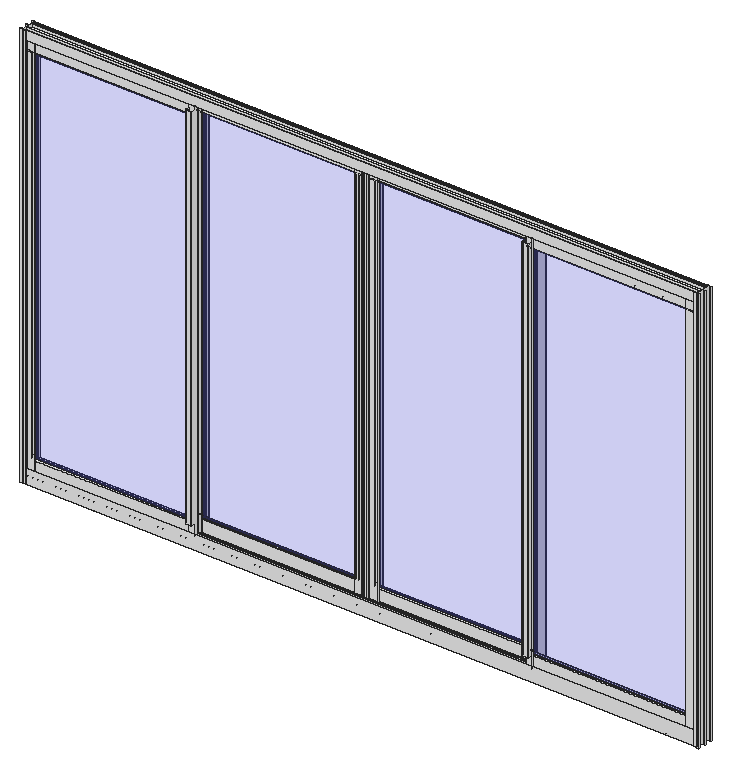
Revit family "Elite_Sliding_Window_XXXX_Standard", category Windows, host Wall, Revit 2014 (continued)
Definition of nested family "Elite_Sash_Outer_XXXX_Std"
  Nested families
    nested 3: "Elite_Sash_Top" at (-1498.5, -24.2, 1052), Profile Material <- "Profile Material", Length Sash Top <- "Length Sash Head & Sill", type "Elite_Sash_Top"
      with Profile Material White Powder Coated Aluminium ANP 1052, Length Sash Top 1484 mm
    nested 4: "Elite_Sash_Bottom" at (-1498.5, -24.2, 0), Profile Material <- "Profile Material", Length Sash Bottom <- "Length Sash Head & Sill", type "Elite_Sash_Bottom"
      with Profile Material White Powder Coated Aluminium ANP 1052, Length Sash Bottom 1484 mm
    nested 5: "Elite_Heavy_Duty_Interlocker_Outside" at (-1500, 20, 0) x (0, -1, 0) z (0, 0, 1), Length Heavy Duty Interlocker <- "Sash Height", Profile Material <- "Profile Material", visible <- "Is Heavy Duty Interlocker", type "Elite_Heavy_Duty_Interlocker_Outside"
      with Profile Material White Powder Coated Aluminium ANP 1052, Length Heavy Duty Interlocker 1200 mm
  Definition of nested family "Elite_Lock_Stile"
    Parameters (values of type "Elite_Lock_Stile")
      Width Rail Cut = 13 mm  # constant formula
      Side Gap Rail Cut = 5 mm  # constant formula
      Profile Material [instance] = none
      Length Lock Stile [instance] = 250 mm
      Height Rail Cut = 26 mm  # constant formula
      Height Large Cut = 55 mm  # constant formula
    Reference planes
      plane 1 "Center (Front/Back)": y = 0
      plane 2: z = 0
      plane 3 "Center (Left/Right)": x = 0
    Forms (mm)
      Extrusion 1, solid, material <- "Profile Material"
        sketch origin (0, 0, 0) x (1, 0, 0) y (0, 1, 0)
          loop
            line (0, 0) -> (3.5, 0) -> (3.5, 2.4) -> (2.5, 2.4) -> (2.5, 1.2) -> (1.2, 1.2) -> (1.2, 8.8) -> (2.5, 8.8) -> (2.5, 7.6) -> (3.5, 7.6) -> (3.5, 10) -> (1.5, 10) -> (1.5, 13) -> (24.5, 13) -> (24.5, 10) -> (22.5, 10) -> (22.5, 7.6) -> (23.5, 7.6) -> (23.5, 8.8) -> (24.8, 8.8) -> (24.8, 1.2) -> (23.5, 1.2) -> (23.5, 2.4) -> (22.5, 2.4) -> (22.5, 0) -> (26, 0) -> (26, 49.8) -> (24.5, 49.8) -> (24.5, 49) -> (18, 49) -> (18, 43) -> (19.5, 43) -> (19.5, 47.5) -> (24.5, 47.5) -> (24.5, 36) -> (1.5, 36) -> (1.5, 47.5) -> (6.5, 47.5) -> (6.5, 43) -> (8, 43) -> (8, 49) -> (1.5, 49) -> (1.5, 49.8) -> (0, 49.8) -> (0, 0)
          loop
            line (1.5, 14.5) -> (24.5, 14.5) -> (24.5, 34.5) -> (13, 34.5) -> (1.5, 34.5) -> (1.5, 14.5)
        from 0 to 250 <- "Length Lock Stile"
      Extrusion 2, void
        sketch origin (24.4, 49, 0) x (1, 0, 0) y (0, 0, 1)
          loop
            line (0.1, 250) -> (-22.9, 250) -> (-22.9, 195) -> (0.1, 195) -> (0.1, 250)
          loop
            line (-22.9, 0) -> (0.1, 0) -> (0.1, 55) -> (-22.9, 55) -> (-22.9, 0)
        from 0 to 25
      Extrusion 3, void
        sketch origin (13, 14.5, 0) x (1, 0, 0) y (0, 0, 1)
          loop
            line (6.5, 250) -> (-6.5, 250) -> (-6.5, 224) -> (6.5, 224) -> (6.5, 250)
          loop
            line (6.5, 0) -> (6.5, 26) -> (-6.5, 26) -> (-6.5, 0) -> (6.5, 0)
        from 0 to 250
    Cuts and joins
      Extrusion 2, Extrusion 3 cuts Extrusion 1
    Dimensions and locks
      "Height Large Cut": Extrusion 2 sketch curve to Extrusion 2 sketch curve  (x2)
      "Height Rail Cut": Extrusion 3 sketch curve to Extrusion 3 sketch curve  (x2)
      "Width Rail Cut": Extrusion 3 sketch curve to Extrusion 3 sketch curve  (x2)
      "Side Gap Rail Cut": Extrusion 3 sketch curve to cut or joined group of Extrusion 1, Extrusion 2, Extrusion 3  (x2)
      aligned and locked: level to plane 2
      aligned and locked: Extrusion 1 to Extrusion 2 sketch curve  (x2)
      aligned and locked: Extrusion 2 sketch curve to Extrusion 1  (x4)
      aligned and locked: Extrusion 3 sketch curve to cut or joined group of Extrusion 1, Extrusion 2, Extrusion 3
      aligned and locked: cut or joined group of Extrusion 1, Extrusion 2, Extrusion 3 to Extrusion 3 sketch curve
    Automatic sketch dimensions
      Extrusion 1 sketch curve to plane 3 "Center (Left/Right)" = 0 mm
      plane 1 "Center (Front/Back)" to Extrusion 1 sketch curve = 0 mm  (x2)
      plane 3 "Center (Left/Right)" to Extrusion 1 sketch curve = 1.2 mm
      plane 3 "Center (Left/Right)" to Extrusion 1 sketch curve = 1.5 mm  (x2)
      Extrusion 1 sketch curve to Extrusion 1 sketch curve = 0 mm  (x4)
      Extrusion 1 sketch curve to Extrusion 1 sketch curve = 0.3 mm  (x2)
      Extrusion 1 sketch curve to Extrusion 1 sketch curve = 1.3 mm  (x2)
      Extrusion 1 sketch curve to Extrusion 1 sketch curve = 1 mm  (x4)
      Extrusion 1 sketch curve to Extrusion 1 sketch curve = 5 mm  (x4)
      Extrusion 1 sketch curve to Extrusion 1 sketch curve = 1.5 mm  (x6)
      Extrusion 1 sketch curve to plane 1 "Center (Front/Back)" = 2.4 mm
      Extrusion 1 sketch curve to Extrusion 1 sketch curve = 19 mm
      Extrusion 1 sketch curve to Extrusion 1 sketch curve = 2 mm
      Extrusion 1 sketch curve to Extrusion 1 sketch curve = 1.2 mm  (x6)
      Extrusion 1 sketch curve to plane 1 "Center (Front/Back)" = 1.2 mm  (x2)
      Extrusion 1 sketch curve to Extrusion 1 sketch curve = 5.2 mm  (x2)
      Extrusion 1 sketch curve to Extrusion 1 sketch curve = 3 mm
      Extrusion 1 sketch curve to Extrusion 1 sketch curve = 20 mm
      Extrusion 1 sketch curve to Extrusion 1 sketch curve = 7 mm  (x2)
      Extrusion 1 sketch curve to Extrusion 1 sketch curve = 4.5 mm  (x2)
      Extrusion 1 sketch curve to Extrusion 1 sketch curve = 0.8 mm  (x2)
  Definition of nested family "Elite_Interlocker"
    Parameters (values of type "Elite_Interlocker")
      Rail Cut Width = 13 mm  # constant formula
      Rail Cut Side Spacing = 5 mm  # constant formula
      Rail Cut Height = 26 mm  # constant formula
      Profile Material [instance] = none
      Length Interlocker [instance] = 250 mm
      Large Cut Height = 55 mm  # constant formula
    Reference planes
      plane 1 "Center (Front/Back)": y = 0
      plane 2: z = 0
      plane 3 "Center (Left/Right)": x = 0
    Forms (mm)
      Extrusion 1, solid, material <- "Profile Material"
        sketch origin (0, 0, 0) x (1, 0, 0) y (0, 1, 0)
          loop
            line (6.916, 36.467) -> (6.916, 6.667) -> (39.416, 6.667) -> (39.416, 9.551) -> (38.416, 9.551) -> (38.416, 8.167) -> (37.116, 8.167) -> (37.116, 9.551) -> (36.116, 9.551) -> (36.116, 8.167) -> (32.916, 8.167) -> (32.916, 15.167) -> (36.116, 15.167) -> (36.116, 13.78) -> (37.116, 13.78) -> (37.116, 15.167) -> (38.416, 15.167) -> (38.416, 13.78) -> (39.416, 13.78) -> (39.416, 25.167)
            arc (39.416, 25.167) -> (38.973, 25.663) -> (38.429, 25.28) r 0.5
            line (38.429, 25.28) -> (36.426, 16.667) -> (32.916, 16.667) -> (32.916, 36.467) -> (31.416, 36.467) -> (31.416, 35.667) -> (24.916, 35.667) -> (24.916, 29.667) -> (26.416, 29.667) -> (26.416, 34.167) -> (31.416, 34.167) -> (31.416, 22.667) -> (19.916, 22.667) -> (8.416, 22.667) -> (8.416, 34.167) -> (13.416, 34.167) -> (13.416, 29.667) -> (14.916, 29.667) -> (14.916, 35.667) -> (8.416, 35.667) -> (8.416, 36.467) -> (6.916, 36.467)
          loop
            line (8.416, 21.167) -> (8.416, 8.167) -> (31.416, 8.167) -> (31.416, 21.167) -> (19.916, 21.167) -> (8.416, 21.167)
        from 0 to 250 <- "Length Interlocker"
      Extrusion 2, void
        sketch origin (14.616, 35.667, 0) x (1, 0, 0) y (0, 0, 1)
          loop
            line (11.8, 250) -> (-1.2, 250) -> (-1.2, 224) -> (11.8, 224) -> (11.8, 250)
          loop
            line (-1.2, 0) -> (11.8, 0) -> (11.8, 26) -> (-1.2, 26) -> (-1.2, 0)
        from 0 to 250
      Extrusion 3, void
        sketch origin (31.316, 35.667, 0) x (1, 0, 0) y (0, 0, 1)
          loop
            line (0.1, 250) -> (-22.9, 250) -> (-22.9, 195) -> (0.1, 195) -> (0.1, 250)
          loop
            line (-22.9, 0) -> (0.1, 0) -> (0.1, 55) -> (-22.9, 55) -> (-22.9, 0)
        from 0 to 25
    Cuts and joins
      Extrusion 2, Extrusion 3 cuts Extrusion 1
    Dimensions and locks
      "Rail Cut Width": Extrusion 2 sketch curve to Extrusion 2 sketch curve  (x2)
      "Rail Cut Side Spacing": Extrusion 2 sketch curve to Extrusion 1  (x2)
      "Rail Cut Height": Extrusion 2 sketch curve to Extrusion 2 sketch curve  (x2)
      "Large Cut Height": Extrusion 3 sketch curve to Extrusion 3 sketch curve  (x2)
      aligned and locked: level to plane 2
      aligned and locked: Extrusion 1 to Extrusion 2 sketch curve  (x2)
      aligned and locked: Extrusion 3 sketch curve to cut or joined group of Extrusion 1, Extrusion 2, Extrusion 3  (x4)
      aligned and locked: cut or joined group of Extrusion 1, Extrusion 2, Extrusion 3 to Extrusion 3 sketch curve  (x2)
    Automatic sketch dimensions
      plane 3 "Center (Left/Right)" to Extrusion 1 sketch curve = 6.916 mm
      plane 3 "Center (Left/Right)" to Extrusion 1 sketch curve = 8.416 mm
      Extrusion 1 sketch curve to Extrusion 1 sketch curve = 1.5 mm  (x11)
      Extrusion 1 sketch curve to Extrusion 1 sketch curve = 0 mm  (x6)
      Extrusion 1 sketch curve to Extrusion 1 sketch curve = 5 mm  (x4)
      Extrusion 1 sketch curve to Extrusion 1 sketch curve = 3.2 mm  (x2)
      Extrusion 1 sketch curve to Extrusion 1 sketch curve = 0.31 mm
      Extrusion 1 sketch curve to Extrusion 1 sketch curve = 1 mm  (x4)
      Extrusion 1 sketch curve to Extrusion 1 sketch curve = 1.3 mm  (x2)
      Extrusion 1 sketch curve to Extrusion 1 sketch curve = 7.013 mm
      Extrusion 1 sketch curve to Extrusion 1 sketch curve = 0.487 mm
      Extrusion 1 sketch curve to plane 1 "Center (Front/Back)" = 6.667 mm
      Extrusion 1 sketch curve to Extrusion 1 sketch curve = 1.384 mm  (x2)
      Extrusion 1 sketch curve to Extrusion 1 sketch curve = 4.229 mm
      Extrusion 1 sketch curve to Extrusion 1 sketch curve = 1.387 mm  (x2)
      Extrusion 1 sketch curve to Extrusion 1 sketch curve = 13 mm
      Extrusion 1 sketch curve to Extrusion 1 sketch curve = 2.5 mm
      Extrusion 1 sketch curve to Extrusion 1 sketch curve = 7 mm  (x2)
      Extrusion 1 sketch curve to Extrusion 1 sketch curve = 4.5 mm  (x2)
      Extrusion 1 sketch curve to Extrusion 1 sketch curve = 0.8 mm  (x2)
  Definition of nested family "Elite_Sash_Top"
    Parameters (values of type "Elite_Sash_Top")
      Profile Material [instance] = none
      Length Sash Top [instance] = 250 mm
    Reference planes
      plane 1 "Center (Front/Back)": y = 0
      plane 2: z = 0
      plane 3 "Center (Left/Right)": x = 0
    Forms (mm)
      Extrusion 1, solid, material <- "Profile Material"
        sketch origin (0, -88.953, -123.01) x (0, 1, 0) y (0, 0, 1)
          loop
            line (92.953, 217.01) -> (95.303, 217.01) -> (95.303, 223.01) -> (93.853, 223.01) -> (93.853, 218.46) -> (92.953, 218.46)
            arc (92.953, 218.46) -> (91.15, 219.207) -> (90.403, 221.01) r 2.55
            line (90.403, 221.01) -> (90.403, 230.06) -> (110.203, 230.06) -> (110.203, 221.01)
            arc (110.203, 221.01) -> (109.456, 219.207) -> (107.653, 218.46) r 2.55
            line (107.653, 218.46) -> (106.753, 218.46) -> (106.753, 223.01) -> (105.303, 223.01) -> (105.303, 217.01) -> (107.653, 217.01)
            arc (107.653, 217.01) -> (110.482, 218.181) -> (111.653, 221.01) r 4
            line (111.653, 221.01) -> (111.653, 271.01) -> (107.403, 271.01) -> (107.403, 268.61) -> (108.603, 268.61) -> (108.603, 269.81) -> (110.203, 269.81) -> (110.203, 262.21) -> (108.603, 262.21) -> (108.603, 263.41) -> (107.403, 263.41) -> (107.403, 261.01) -> (110.203, 261.01) -> (110.203, 231.51) -> (90.403, 231.51) -> (90.403, 261.01) -> (93.203, 261.01) -> (93.203, 263.41) -> (92.003, 263.41) -> (92.003, 262.21) -> (90.403, 262.21) -> (90.403, 269.81) -> (92.003, 269.81) -> (92.003, 268.61) -> (93.203, 268.61) -> (93.203, 271.01) -> (88.953, 271.01) -> (88.953, 221.01)
            arc (88.953, 221.01) -> (90.125, 218.181) -> (92.953, 217.01) r 4
        from 0 to 250 <- "Length Sash Top"
    Dimensions and locks
      aligned and locked: level to plane 2
  Definition of nested family "Elite_Sash_Bottom"
    Parameters (values of type "Elite_Sash_Bottom")
      Profile Material [instance] = none
      Length Sash Bottom [instance] = 250 mm
    Reference planes
      plane 1 "Center (Front/Back)": y = 0
      plane 2: z = 0
      plane 3 "Center (Left/Right)": x = 0
    Forms (mm)
      Extrusion 1, solid, material <- "Profile Material"
        sketch origin (0, -88.953, -123.01) x (0, 1, 0) y (0, 0, 1)
          loop
            arc (92.953, 177.01) -> (90.125, 175.838) -> (88.953, 173.01) r 4
            line (88.953, 173.01) -> (88.953, 123.01) -> (93.203, 123.01) -> (93.203, 125.41) -> (92.003, 125.41) -> (92.003, 124.21) -> (90.403, 124.21) -> (90.403, 131.81) -> (92.003, 131.81) -> (92.003, 130.61) -> (93.203, 130.61) -> (93.203, 133.01) -> (90.403, 133.01) -> (90.403, 162.51) -> (110.203, 162.51) -> (110.203, 133.01) -> (107.403, 133.01) -> (107.403, 130.61) -> (108.603, 130.61) -> (108.603, 131.81) -> (110.203, 131.81) -> (110.203, 124.21) -> (108.603, 124.21) -> (108.603, 125.41) -> (107.403, 125.41) -> (107.403, 123.01) -> (111.653, 123.01) -> (111.653, 173.01)
            arc (111.653, 173.01) -> (110.482, 175.838) -> (107.653, 177.01) r 4
            line (107.653, 177.01) -> (105.303, 177.01) -> (105.303, 171.01) -> (106.753, 171.01) -> (106.753, 175.56) -> (107.653, 175.56)
            arc (107.653, 175.56) -> (109.456, 174.813) -> (110.203, 173.01) r 2.55
            line (110.203, 173.01) -> (110.203, 163.96) -> (90.403, 163.96) -> (90.403, 173.01)
            arc (90.403, 173.01) -> (91.15, 174.813) -> (92.953, 175.56) r 2.55
            line (92.953, 175.56) -> (93.853, 175.56) -> (93.853, 171.01) -> (95.303, 171.01) -> (95.303, 177.01) -> (92.953, 177.01)
        from 0 to 250 <- "Length Sash Bottom"
    Dimensions and locks
      aligned and locked: level to plane 2
  Definition of nested family "Elite_Heavy_Duty_Interlocker_Outside"
    Parameters (values of type "Elite_Heavy_Duty_Interlocker_Outside")
      Side Cut Width = 20 mm  # constant formula
      Side Cut Height Top = 26 mm  # constant formula
      Profile Material [instance] = none
      Length Heavy Duty Interlocker [instance] = 250 mm
      Large Cut Height = 55 mm  # constant formula
      Cut Width = 13 mm  # constant formula
      Cut Side Spacing = 5 mm  # constant formula
      Cut Height = 26 mm  # constant formula
    Reference planes
      plane 1 "Center (Front/Back)": y = 0
      plane 2: z = 0
      plane 3 "Center (Left/Right)": x = 0
    Forms (mm)
      Extrusion 1, solid, material <- "Profile Material"
        sketch origin (0, 0, 0) x (1, 0, 0) y (0, 1, 0)
          loop
            arc (4, 27.5) -> (2.232, 26.768) -> (1.5, 25) r 2.5
            line (1.5, 25) -> (1.5, 4)
            arc (1.5, 4) -> (2.232, 2.232) -> (4, 1.5) r 2.5
            line (4, 1.5) -> (20, 1.5) -> (20, 27.5) -> (4, 27.5)
          loop
            line (21.5, 14.5) -> (21.5, 1.5) -> (33, 1.5) -> (44.5, 1.5) -> (44.5, 14.5) -> (33, 14.5) -> (21.5, 14.5)
          loop
            line (46, 10) -> (46, 29.8) -> (44.5, 29.8) -> (44.5, 29) -> (38, 29) -> (38, 23) -> (39.5, 23) -> (39.5, 27.5) -> (44.5, 27.5) -> (44.5, 16) -> (33, 16) -> (21.5, 16) -> (21.5, 27.5) -> (26.5, 27.5) -> (26.5, 23) -> (28, 23) -> (28, 29) -> (21.5, 29) -> (21.5, 29.8) -> (20, 29.8) -> (20, 29) -> (4, 29)
            arc (4, 29) -> (1.172, 27.828) -> (0, 25) r 4
            line (0, 25) -> (0, 4)
            arc (0, 4) -> (1.172, 1.172) -> (4, 0) r 4
            line (4, 0) -> (52.5, 0) -> (52.5, 2.866) -> (51.5, 2.866) -> (51.5, 1.5) -> (50.2, 1.5) -> (50.2, 2.866) -> (49.2, 2.866) -> (49.2, 1.5) -> (46, 1.5) -> (46, 8.5) -> (49.2, 8.5) -> (49.2, 7.121) -> (50.2, 7.121) -> (50.2, 8.5) -> (51.5, 8.5) -> (51.5, 7.121) -> (52.5, 7.121) -> (52.5, 18.5)
            arc (52.5, 18.5) -> (52.057, 18.997) -> (51.513, 18.613) r 0.5
            line (51.513, 18.613) -> (49.51, 10) -> (46, 10)
        from 0 to 250 <- "Length Heavy Duty Interlocker"
      Extrusion 2, void
        sketch origin (44.4, 29, 0) x (1, 0, 0) y (0, 0, 1)
          loop
            line (-4.9, 250) -> (-17.9, 250) -> (-17.9, 224) -> (-4.9, 224) -> (-4.9, 250)
          loop
            line (-4.9, 0) -> (-4.9, 26) -> (-17.9, 26) -> (-17.9, 0) -> (-4.9, 0)
        from 0 to 250
      Extrusion 3, void
        sketch origin (44.4, 29, 0) x (1, 0, 0) y (0, 0, 1)
          loop
            line (0.1, 250) -> (-22.9, 250) -> (-22.9, 195) -> (0.1, 195) -> (0.1, 250)
          loop
            line (0.1, 0) -> (0.1, 55) -> (-22.9, 55) -> (-22.9, 0) -> (0.1, 0)
        from 0 to 25
      Extrusion 4, void
        sketch origin (19.7, 29, 0) x (1, 0, 0) y (0, 0, 1)
          loop
            line (0.3, 250) -> (-19.7, 250) -> (-19.7, 224) -> (0.3, 224) -> (0.3, 250)
        from 0 to 250
    Cuts and joins
      Extrusion 2, Extrusion 3, Extrusion 4 cuts Extrusion 1
    Dimensions and locks
      "Cut Width": Extrusion 2 sketch curve to Extrusion 2 sketch curve  (x2)
      "Cut Side Spacing": Extrusion 2 sketch curve to Extrusion 1  (x2)
      "Cut Height": Extrusion 2 sketch curve to Extrusion 2 sketch curve  (x2)
      "Large Cut Height": Extrusion 3 sketch curve to Extrusion 3 sketch curve  (x2)
      "Side Cut Width": Extrusion 4 sketch curve to Extrusion 4 sketch curve
      "Side Cut Height Top": Extrusion 4 sketch curve to Extrusion 4 sketch curve
      aligned and locked: level to plane 2
      aligned and locked: Extrusion 2 sketch curve to Extrusion 1
      aligned and locked: Extrusion 1 to Extrusion 2 sketch curve
      aligned and locked: cut or joined group of Extrusion 1, Extrusion 2, Extrusion 3, Extrusion 4 to Extrusion 3 sketch curve  (x2)
      aligned and locked: Extrusion 3 sketch curve to cut or joined group of Extrusion 1, Extrusion 2, Extrusion 3, Extrusion 4  (x4)
      aligned and locked: Extrusion 4 sketch curve to cut or joined group of Extrusion 1, Extrusion 2, Extrusion 3, Extrusion 4
      aligned and locked: cut or joined group of Extrusion 1, Extrusion 2, Extrusion 3, Extrusion 4 to Extrusion 4 sketch curve
    Automatic sketch dimensions
      Extrusion 1 sketch curve to Extrusion 1 sketch curve = 0 mm  (x11)
      Extrusion 1 sketch curve to plane 3 "Center (Left/Right)" = 0 mm
      plane 1 "Center (Front/Back)" to Extrusion 1 sketch curve = 0 mm
      plane 3 "Center (Left/Right)" to Extrusion 1 sketch curve = 1.5 mm
      Extrusion 1 sketch curve to Extrusion 1 sketch curve = 2.5 mm  (x3)
      Extrusion 1 sketch curve to Extrusion 1 sketch curve = 16 mm
      Extrusion 1 sketch curve to Extrusion 1 sketch curve = 1.5 mm  (x10)
      Extrusion 1 sketch curve to Extrusion 1 sketch curve = 5 mm  (x3)
      Extrusion 1 sketch curve to plane 1 "Center (Front/Back)" = 1.5 mm  (x3)
      Extrusion 1 sketch curve to Extrusion 1 sketch curve = 11.5 mm  (x2)
      Extrusion 1 sketch curve to Extrusion 1 sketch curve = 10 mm
      Extrusion 1 sketch curve to Extrusion 1 sketch curve = 3.2 mm  (x2)
      Extrusion 1 sketch curve to plane 1 "Center (Front/Back)" = 10 mm
      Extrusion 1 sketch curve to Extrusion 1 sketch curve = 0.31 mm
      Extrusion 1 sketch curve to Extrusion 1 sketch curve = 1 mm  (x4)
      Extrusion 1 sketch curve to Extrusion 1 sketch curve = 1.3 mm  (x2)
      Extrusion 1 sketch curve to Extrusion 1 sketch curve = 7.013 mm
      Extrusion 1 sketch curve to Extrusion 1 sketch curve = 0.487 mm
      Extrusion 1 sketch curve to Extrusion 1 sketch curve = 1.366 mm
      Extrusion 1 sketch curve to Extrusion 1 sketch curve = 2.879 mm
      Extrusion 1 sketch curve to Extrusion 1 sketch curve = 4.5 mm  (x3)
      Extrusion 1 sketch curve to Extrusion 1 sketch curve = 7 mm  (x2)
      Extrusion 1 sketch curve to Extrusion 1 sketch curve = 9 mm
      Extrusion 1 sketch curve to Extrusion 1 sketch curve = 0.8 mm  (x2)
Definition of nested family "Elite_Meeting_Stile_Adaptor_XXXX_Std"
  Parameters (values of type "Elite_Meeting_Stile_Adaptor")
    Profile Material [instance] = none
    Middle Cut Width = 13 mm  # constant formula
    Middle Cut Height = 26 mm  # constant formula
    Length Meeting Stile Adaptor [instance] = 250 mm
    Left Spacing = 21.7 mm - 15 mm  # 6.7 mm
    Egde Top Cut = 26 mm  # constant formula
    Edge Bottom Cut = 50 mm  # constant formula
  Reference planes
    plane 1 "Center (Front/Back)": y = 0
    plane 2: z = 0
    plane 3 "Center (Left/Right)": x = 0
  Forms (mm)
    Extrusion 1, solid, material <- "Profile Material"
      sketch origin (0, 0, 0) x (1, 0, 0) y (0, 1, 0)
        loop
          arc (2.2, 4.6) -> (3.079, 2.479) -> (5.2, 1.6) r 3
          line (5.2, 1.6) -> (13.2, 1.6) -> (13.2, 18.4) -> (5.2, 18.4)
          arc (5.2, 18.4) -> (3.079, 17.521) -> (2.2, 15.4) r 3
          line (2.2, 15.4) -> (2.2, 4.6)
        loop
          arc (51.1, 1.6) -> (53.221, 2.479) -> (54.1, 4.6) r 3
          line (54.1, 4.6) -> (54.1, 15.4)
          arc (54.1, 15.4) -> (53.221, 17.521) -> (51.1, 18.4) r 3
          line (51.1, 18.4) -> (43.1, 18.4) -> (43.1, 1.6) -> (51.1, 1.6)
        loop
          line (20.9, 16.047) -> (23.399, 23.545) -> (22.082, 23.545) -> (19.665, 16.296) -> (19.649, 10.75) -> (15, 10.75) -> (15, 20) -> (5, 20)
          arc (5, 20) -> (1.464, 18.536) -> (0, 15) r 5
          line (0, 15) -> (0, 5)
          arc (0, 5) -> (1.464, 1.464) -> (5, 0) r 5
          line (5, 0) -> (15, 0) -> (15, 9.25) -> (41.3, 9.25) -> (41.3, 0) -> (51.3, 0)
          arc (51.3, 0) -> (54.836, 1.464) -> (56.3, 5) r 5
          line (56.3, 5) -> (56.3, 15)
          arc (56.3, 15) -> (54.836, 18.536) -> (51.3, 20) r 5
          line (51.3, 20) -> (41.3, 20) -> (41.3, 10.75) -> (36.65, 10.75) -> (36.65, 16.201) -> (34.218, 23.545) -> (32.901, 23.545) -> (35.4, 16.047) -> (35.4, 10.75) -> (20.9, 10.75) -> (20.9, 16.047)
      from 0 to 250 <- "Length Meeting Stile Adaptor"
    Extrusion 2, void
      sketch origin (14.4, 20, 0) x (1, 0, 0) y (0, 0, 1)
        loop
          line (20.2, 250) -> (7.2, 250) -> (7.2, 224) -> (20.2, 224) -> (20.2, 250)
        loop
          line (7.2, 0) -> (20.2, 0) -> (20.2, 26) -> (7.2, 26) -> (7.2, 0)
        loop
          line (0.6, 250) -> (-14.4, 250) -> (-14.4, 224) -> (0.6, 224) -> (0.6, 250)
      from -50 to 50
  Cuts and joins
    Extrusion 2 cuts Extrusion 1
  Dimensions and locks
    "Left Spacing": Extrusion 2 sketch curve to Extrusion 1  (x2)
    "Middle Cut Width": Extrusion 2 sketch curve to Extrusion 2 sketch curve  (x2)
    "Middle Cut Height": Extrusion 2 sketch curve to Extrusion 2 sketch curve  (x2)
    "Egde Top Cut": Extrusion 2 sketch curve to Extrusion 2 sketch curve
    aligned and locked: level to plane 2
    aligned and locked: Extrusion 2 sketch curve to Extrusion 1  (x4)
    aligned and locked: plane 3 "Center (Left/Right)" to Extrusion 2 sketch curve
  Automatic sketch dimensions
    Extrusion 1 sketch curve to plane 3 "Center (Left/Right)" = 0 mm
    plane 1 "Center (Front/Back)" to Extrusion 1 sketch curve = 0 mm  (x2)
    plane 3 "Center (Left/Right)" to Extrusion 1 sketch curve = 2.2 mm
    plane 3 "Center (Left/Right)" to Extrusion 1 sketch curve = 5 mm
    Extrusion 1 sketch curve to Extrusion 1 sketch curve = 2.8 mm  (x2)
    Extrusion 1 sketch curve to Extrusion 1 sketch curve = 0.2 mm  (x4)
    Extrusion 1 sketch curve to Extrusion 1 sketch curve = 8 mm  (x3)
    Extrusion 1 sketch curve to Extrusion 1 sketch curve = 1.8 mm  (x3)
    Extrusion 1 sketch curve to Extrusion 1 sketch curve = 4.649 mm
    Extrusion 1 sketch curve to Extrusion 1 sketch curve = 0.016 mm
    Extrusion 1 sketch curve to Extrusion 1 sketch curve = 1.251 mm
    Extrusion 1 sketch curve to Extrusion 1 sketch curve = 1.182 mm  (x2)
    Extrusion 1 sketch curve to Extrusion 1 sketch curve = 1.318 mm  (x2)
    Extrusion 1 sketch curve to Extrusion 1 sketch curve = 9.502 mm
    Extrusion 1 sketch curve to Extrusion 1 sketch curve = 1.25 mm
    Extrusion 1 sketch curve to Extrusion 1 sketch curve = 4.65 mm
    Extrusion 1 sketch curve to Extrusion 1 sketch curve = 0 mm  (x2)
    Extrusion 1 sketch curve to plane 1 "Center (Front/Back)" = 1.6 mm  (x2)
    Extrusion 1 sketch curve to Extrusion 1 sketch curve = 2.2 mm
    Extrusion 1 sketch curve to Extrusion 1 sketch curve = 7.65 mm
    Extrusion 1 sketch curve to Extrusion 1 sketch curve = 1.5 mm  (x2)
    Extrusion 1 sketch curve to Extrusion 1 sketch curve = 10 mm  (x2)
    Extrusion 1 sketch curve to Extrusion 1 sketch curve = 0.4 mm  (x2)
    Extrusion 1 sketch curve to Extrusion 1 sketch curve = 5.297 mm  (x2)
    Extrusion 1 sketch curve to Extrusion 1 sketch curve = 0.154 mm
    Extrusion 1 sketch curve to Extrusion 1 sketch curve = 0.249 mm
    Extrusion 1 sketch curve to Extrusion 1 sketch curve = 7.498 mm  (x2)
Types (42, lengths in mm): name | Windload Design | Width Sash Side | Width Sash Middle | Width | URL | Sash Width Middle | Sash Width Sides | Sash Height | Overall Width | Overall Height | Outside Heavy Duty Interlocker | Max Pane Area | Limit Window Width Max | Limit Window Height Max | Limit Sash Width Side Max | Intruderprufe U Value | Intruderprufe SHGC Value | Intruderprufe LowE U Value | Intruderprufe LowE SHGC Value | Interlocker Configuration | Height Sash | Inside Heavy Duty Interlocker | Height | Energy Advantage U Value | Energy Advantage SHGC Value | Custom Window Width | Custom Window Height | Custom Windload | Clearvue U Value | Clearvue SHGC Value | Area Middle Sash Glazing | Area Side Sash Glazing
  (no name) | 1000 | 755.75 | 755.75 | 2990 | "http://www.crealco.co.za/crealco-products.php" | 755.75 | 755.75 | 1707 | 2990 | 1790 | yes | 1.12041 m² | 2990 | 1883 | 1211.55 | 6.41 | 0.063 | 4.8 | 0.554 | 2 | 1707 | yes | 1790 | 4.95 | 0.595 | 2990 | 1790 | 1000 | 6.54 | 0.664 | 1.12041 m² | 1.12041 m²
  Elite-2406XXXX-1000Pa | 1000 | 605.75 | 605.75 | 2390 | "http://www.crealco.co.za/crealco-products.php" | 605.75 | 605.75 | 507 | 2390 | 590 | no | 0.225656 m² | 2990 | 1883 | 911.55 | 6.87 | 0.472 | 5.71 | 0.418 | 0 | 507 | no | 590 | 5.88 | 0.447 | 2390 | 590 | 1000 | 6.99 | 0.496 | 0.225656 m² | 0.225656 m²
  Elite-2706XXXX-1000Pa | 1000 | 605.75 | 605.75 | 2690 | "http://www.crealco.co.za/crealco-products.php" | 680.75 | 680.75 | 507 | 2390 | 590 | no | 0.256781 m² | 2990 | 1883 | 1061.55 | 6.83 | 0.482 | 5.64 | 0.426 | 0 | 507 | no | 590 | 5.8 | 0.456 | 2690 | 590 | 1000 | 6.96 | 5.07 | 0.256781 m² | 0.256781 m²
  Elite-3006XXXX-1000Pa | 1000 | 605.75 | 605.75 | 2990 | "http://www.crealco.co.za/crealco-products.php" | 755.75 | 755.75 | 507 | 2390 | 590 | no | 0.287906 m² | 2990 | 1883 | 1211.55 | 6.8 | 0.49 | 5.59 | 0.433 | 0 | 507 | no | 590 | 5.74 | 0.464 | 2990 | 590 | 1000 | 6.93 | 0.515 | 0.287906 m² | 0.287906 m²
  Elite-2409XXXX-1000Pa | 1000 | 605.75 | 605.75 | 2390 | "http://www.crealco.co.za/crealco-products.php" | 605.75 | 605.75 | 807 | 2390 | 590 | no | 0.388781 m² | 2990 | 1883 | 911.55 | 6.69 | 0.539 | 5.33 | 0.476 | 0 | 507 | no | 890 | 5.5 | 0.51 | 2390 | 890 | 1000 | 6.82 | 0.568 | 0.388781 m² | 0.388781 m²
  Elite-2709XXXX-1000Pa | 1000 | 605.75 | 605.75 | 2690 | "http://www.crealco.co.za/crealco-products.php" | 680.75 | 680.75 | 807 | 2390 | 590 | no | 0.442406 m² | 2990 | 1883 | 1061.55 | 6.64 | 0.551 | 5.25 | 0.486 | 0 | 507 | no | 890 | 5.41 | 0.521 | 2690 | 890 | 1000 | 6.77 | 0.58 | 0.442406 m² | 0.442406 m²
  Elite-3009XXXX-1000Pa | 1000 | 605.75 | 605.75 | 2990 | "http://www.crealco.co.za/crealco-products.php" | 755.75 | 755.75 | 807 | 2390 | 590 | no | 0.496031 m² | 2990 | 1883 | 1211.55 | 6.8 | 0.49 | 5.59 | 0.433 | 0 | 507 | no | 890 | 5.74 | 0.464 | 2990 | 890 | 1000 | 6.93 | 0.515 | 0.496031 m² | 0.496031 m²
  Elite-2412XXXX-1000Pa | 1000 | 605.75 | 605.75 | 2390 | "www.crealco.co.za" | 605.75 | 605.75 | 1107 | 2390 | 590 | no | 0.551906 m² | 2990 | 1883 | 911.55 | 6.6 | 0.572 | 5.15 | 0.505 | 0 | 507 | no | 1190 | 5.32 | 0.542 | 2390 | 1190 | 1000 | 6.73 | 0.603 | 0.551906 m² | 0.551906 m²
  Elite-2712XXXX-1000Pa | 1000 | 605.75 | 605.75 | 2690 | "http://www.crealco.co.za/crealco-products.php" | 680.75 | 680.75 | 1107 | 2390 | 590 | no | 0.628031 m² | 2990 | 1883 | 1061.55 | 6.55 | 0.585 | 5.306 | 0.515 | 0 | 507 | no | 1190 | 5.22 | 0.553 | 2690 | 1190 | 1000 | 6.68 | 0.616 | 0.628031 m² | 0.628031 m²
  Elite-3012XXXX-1000Pa | 1000 | 605.75 | 605.75 | 2990 | "http://www.crealco.co.za/crealco-products.php" | 755.75 | 755.75 | 1107 | 2390 | 590 | no | 0.704156 m² | 2990 | 1883 | 1211.55 | 6.51 | 0.595 | 4.99 | 0.524 | 0 | 507 | no | 1190 | 5.144 | 0.562 | 2990 | 1190 | 1000 | 6.64 | 0.627 | 0.704156 m² | 0.704156 m²
  Elite-2415XXXX-1000Pa | 1000 | 605.75 | 605.75 | 2390 | "http://www.crealco.co.za/crealco-products.php" | 605.75 | 605.75 | 1407 | 2390 | 590 | no | 0.715031 m² | 2990 | 1883 | 911.55 | 6.55 | 0.592 | 5.04 | 0.522 | 1 | 507 | yes | 1490 | 5.21 | 0.56 | 2390 | 1490 | 1000 | 6.68 | 0.624 | 0.715031 m² | 0.715031 m²
  Elite-2715XXXX-1000Pa | 1000 | 605.75 | 605.75 | 2690 | "http://www.crealco.co.za/crealco-products.php" | 680.75 | 680.75 | 1407 | 2390 | 590 | no | 0.813656 m² | 2990 | 1883 | 1061.55 | 6.49 | 0.605 | 4.95 | 0.533 | 1 | 507 | yes | 1490 | 5.11 | 0.572 | 2690 | 1490 | 1000 | 6.692 | 0.638 | 0.813656 m² | 0.813656 m²
  Elite-3015XXXX-1000Pa | 1000 | 605.75 | 605.75 | 2990 | "http://www.crealco.co.za/crealco-products.php" | 755.75 | 755.75 | 1407 | 2390 | 590 | no | 0.912281 m² | 2990 | 1883 | 1211.55 | 6.45 | 0.616 | 4.87 | 0.542 | 1 | 507 | yes | 1490 | 5.02 | 0.582 | 2990 | 1490 | 1000 | 6.58 | 0.649 | 0.912281 m² | 0.912281 m²
  Elite-2418XXXX-1000Pa | 1000 | 755.75 | 755.75 | 2390 | "http://www.crealco.co.za/crealco-products.php" | 605.75 | 605.75 | 1707 | 2990 | 1490 | no | 0.878156 m² | 2990 | 1883 | 911.55 | 6.51 | 0.606 | 4.97 | 0.533 | 1 | 1407 | yes | 1790 | 5.13 | 0.573 | 2390 | 1790 | 1000 | 6.65 | 0.638 | 0.878156 m² | 0.878156 m²
  Elite-2718XXXX-1000Pa | 1000 | 755.75 | 755.75 | 2690 | "http://www.crealco.co.za/crealco-products.php" | 680.75 | 680.75 | 1707 | 2990 | 1490 | yes | 0.999281 m² | 2990 | 1883 | 1061.55 | 6.46 | 0.619 | 4.87 | 0.545 | 2 | 1407 | yes | 1790 | 5.03 | 0.585 | 2690 | 1790 | 1000 | 6.59 | 0.652 | 0.999281 m² | 0.999281 m²
  Elite-3018XXXX-1000Pa | 1000 | 755.75 | 755.75 | 2990 | "http://www.crealco.co.za/crealco-products.php" | 755.75 | 755.75 | 1707 | 2990 | 1790 | yes | 1.12041 m² | 2990 | 1883 | 1211.55 | 6.41 | 0.063 | 4.8 | 0.554 | 2 | 1707 | yes | 1790 | 4.95 | 0.595 | 2990 | 1790 | 1000 | 6.54 | 0.664 | 1.12041 m² | 1.12041 m²
  Elite-2406XXXX-1500Pa | 1500 | 605.75 | 605.75 | 2390 | "http://www.crealco.co.za/crealco-products.php" | 605.75 | 605.75 | 507 | 2390 | 590 | no | 0.225656 m² | 2990 | 1883 | 911.55 | 6.87 | 0.472 | 5.71 | 0.418 | 0 | 507 | no | 590 | 5.88 | 0.447 | 2390 | 590 | 1500 | 6.99 | 0.496 | 0.225656 m² | 0.225656 m²
  Elite-2406XXXX-2000Pa | 2000 | 605.75 | 605.75 | 2390 | "http://www.crealco.co.za/crealco-products.php" | 605.75 | 605.75 | 507 | 2390 | 590 | no | 0.225656 m² | 2990 | 1490 | 911.55 | 6.87 | 0.472 | 5.71 | 0.418 | 0 | 507 | no | 590 | 5.88 | 0.447 | 2390 | 590 | 2000 | 6.99 | 0.496 | 0.225656 m² | 0.225656 m²
  Elite-2409XXXX-1500Pa | 1500 | 605.75 | 605.75 | 2390 | "http://www.crealco.co.za/crealco-products.php" | 605.75 | 605.75 | 807 | 2390 | 590 | no | 0.388781 m² | 2990 | 1883 | 911.55 | 6.69 | 0.539 | 5.33 | 0.476 | 0 | 507 | no | 890 | 5.5 | 0.51 | 2390 | 890 | 1500 | 6.82 | 0.568 | 0.388781 m² | 0.388781 m²
  Elite-2409XXXX-2000Pa | 2000 | 605.75 | 605.75 | 2390 | "http://www.crealco.co.za/crealco-products.php" | 605.75 | 605.75 | 807 | 2390 | 590 | no | 0.388781 m² | 2990 | 1490 | 911.55 | 6.69 | 0.539 | 5.33 | 0.476 | 0 | 507 | no | 890 | 5.5 | 0.51 | 2390 | 890 | 2000 | 6.82 | 0.568 | 0.388781 m² | 0.388781 m²
  Elite-2412XXXX-1500Pa | 1500 | 605.75 | 605.75 | 2390 | "http://www.crealco.co.za/crealco-products.php" | 605.75 | 605.75 | 1107 | 2390 | 590 | no | 0.551906 m² | 2990 | 1883 | 911.55 | 6.6 | 0.572 | 5.15 | 0.505 | 0 | 507 | no | 1190 | 5.32 | 0.542 | 2390 | 1190 | 1500 | 6.73 | 0.603 | 0.551906 m² | 0.551906 m²
  Elite-2412XXXX-2000Pa | 2000 | 605.75 | 605.75 | 2390 | "http://www.crealco.co.za/crealco-products.php" | 605.75 | 605.75 | 1107 | 2390 | 590 | no | 0.551906 m² | 2990 | 1490 | 911.55 | 6.6 | 0.572 | 5.15 | 0.505 | 1 | 507 | yes | 1190 | 5.32 | 0.542 | 2390 | 1190 | 2000 | 6.73 | 0.603 | 0.551906 m² | 0.551906 m²
  Elite-2415XXXX-1500Pa | 1500 | 605.75 | 605.75 | 2390 | "http://www.crealco.co.za/crealco-products.php" | 605.75 | 605.75 | 1407 | 2390 | 590 | no | 0.715031 m² | 2990 | 1883 | 911.55 | 6.55 | 0.592 | 5.04 | 0.522 | 1 | 507 | yes | 1490 | 5.21 | 0.56 | 2390 | 1490 | 1500 | 6.68 | 0.624 | 0.715031 m² | 0.715031 m²
  Elite-2415XXXX-2000Pa | 2000 | 605.75 | 605.75 | 2390 | "http://www.crealco.co.za/crealco-products.php" | 605.75 | 605.75 | 1407 | 2390 | 590 | no | 0.715031 m² | 2990 | 1490 | 911.55 | 6.55 | 0.592 | 5.04 | 0.522 | 1 | 507 | yes | 1490 | 5.21 | 0.56 | 2390 | 1490 | 2000 | 6.68 | 0.624 | 0.715031 m² | 0.715031 m²
  Elite-2418XXXX-1500Pa | 1500 | 755.75 | 755.75 | 2390 | "http://www.crealco.co.za/crealco-products.php" | 605.75 | 605.75 | 1707 | 2990 | 1490 | yes | 0.878156 m² | 2690 | 1883 | 911.55 | 6.51 | 0.606 | 4.97 | 0.533 | 2 | 1407 | yes | 1790 | 5.13 | 0.573 | 2390 | 1790 | 1500 | 6.65 | 0.638 | 0.878156 m² | 0.878156 m²
  Elite-2706XXXX-1500Pa | 1500 | 605.75 | 605.75 | 2690 | "http://www.crealco.co.za/crealco-products.php" | 680.75 | 680.75 | 507 | 2390 | 590 | no | 0.256781 m² | 2990 | 1883 | 1061.55 | 6.83 | 0.482 | 5.64 | 0.426 | 0 | 507 | no | 590 | 5.8 | 0.456 | 2690 | 590 | 1500 | 6.96 | 5.07 | 0.256781 m² | 0.256781 m²
  Elite-2706XXXX-2000Pa | 2000 | 605.75 | 605.75 | 2690 | "http://www.crealco.co.za/crealco-products.php" | 680.75 | 680.75 | 507 | 2390 | 590 | no | 0.256781 m² | 2990 | 1490 | 1061.55 | 6.83 | 0.482 | 5.64 | 0.426 | 0 | 507 | no | 590 | 5.8 | 0.456 | 2690 | 590 | 2000 | 6.96 | 5.07 | 0.256781 m² | 0.256781 m²
  Elite-2709XXXX-1500Pa | 1500 | 605.75 | 605.75 | 2690 | "http://www.crealco.co.za/crealco-products.php" | 680.75 | 680.75 | 807 | 2390 | 590 | no | 0.442406 m² | 2990 | 1883 | 1061.55 | 6.64 | 0.551 | 5.25 | 0.486 | 0 | 507 | no | 890 | 5.41 | 0.521 | 2690 | 890 | 1500 | 6.77 | 0.58 | 0.442406 m² | 0.442406 m²
  Elite-2709XXXX-2000Pa | 2000 | 605.75 | 605.75 | 2690 | "http://www.crealco.co.za/crealco-products.php" | 680.75 | 680.75 | 807 | 2390 | 590 | no | 0.442406 m² | 2990 | 1490 | 1061.55 | 6.64 | 0.551 | 5.25 | 0.486 | 0 | 507 | no | 890 | 5.41 | 0.521 | 2690 | 890 | 2000 | 6.77 | 0.58 | 0.442406 m² | 0.442406 m²
  Elite-2712XXXX-1500Pa | 1500 | 605.75 | 605.75 | 2690 | "http://www.crealco.co.za/crealco-products.php" | 680.75 | 680.75 | 1107 | 2390 | 590 | no | 0.628031 m² | 2990 | 1883 | 1061.55 | 6.55 | 0.585 | 5.306 | 0.515 | 0 | 507 | no | 1190 | 5.22 | 0.553 | 2690 | 1190 | 1500 | 6.68 | 0.616 | 0.628031 m² | 0.628031 m²
  Elite-2712XXXX-2000Pa | 2000 | 605.75 | 605.75 | 2690 | "http://www.crealco.co.za/crealco-products.php" | 680.75 | 680.75 | 1107 | 2390 | 590 | no | 0.628031 m² | 2990 | 1490 | 1061.55 | 6.55 | 0.585 | 5.306 | 0.515 | 1 | 507 | yes | 1190 | 5.22 | 0.553 | 2690 | 1190 | 2000 | 6.68 | 0.616 | 0.628031 m² | 0.628031 m²
  Elite-2715XXXX-1500Pa | 1500 | 605.75 | 605.75 | 2690 | "http://www.crealco.co.za/crealco-products.php" | 680.75 | 680.75 | 1407 | 2390 | 590 | no | 0.813656 m² | 2990 | 1883 | 1061.55 | 6.49 | 0.605 | 4.95 | 0.533 | 1 | 507 | yes | 1490 | 5.11 | 0.572 | 2690 | 1490 | 1500 | 6.692 | 0.638 | 0.813656 m² | 0.813656 m²
  Elite-2715XXXX-2000Pa | 2000 | 605.75 | 605.75 | 2690 | "http://www.crealco.co.za/crealco-products.php" | 680.75 | 680.75 | 1407 | 2390 | 590 | yes | 0.813656 m² | 2990 | 1490 | 1061.55 | 6.49 | 0.605 | 4.95 | 0.533 | 2 | 507 | yes | 1490 | 5.11 | 0.572 | 2690 | 1490 | 2000 | 6.692 | 0.638 | 0.813656 m² | 0.813656 m²
  Elite-2718XXXX-1500Pa | 1500 | 755.75 | 755.75 | 2690 | "http://www.crealco.co.za/crealco-products.php" | 680.75 | 680.75 | 1707 | 2990 | 1490 | yes | 0.999281 m² | 2690 | 1883 | 1061.55 | 6.46 | 0.619 | 4.87 | 0.545 | 2 | 1407 | yes | 1790 | 5.03 | 0.585 | 2690 | 1790 | 1500 | 6.59 | 0.652 | 0.999281 m² | 0.999281 m²
  Elite-3006XXXX-1500Pa | 1500 | 605.75 | 605.75 | 2990 | "http://www.crealco.co.za/crealco-products.php" | 755.75 | 755.75 | 507 | 2390 | 590 | no | 0.287906 m² | 2990 | 1883 | 1211.55 | 6.8 | 0.49 | 5.59 | 0.433 | 0 | 507 | no | 590 | 5.74 | 0.464 | 2990 | 590 | 1500 | 6.93 | 0.515 | 0.287906 m² | 0.287906 m²
  Elite-3006XXXX-2000Pa | 2000 | 605.75 | 605.75 | 2990 | "http://www.crealco.co.za/crealco-products.php" | 755.75 | 755.75 | 507 | 2390 | 590 | no | 0.287906 m² | 2990 | 1490 | 1211.55 | 6.8 | 0.49 | 5.59 | 0.433 | 0 | 507 | no | 590 | 5.74 | 0.464 | 2990 | 590 | 2000 | 6.93 | 0.515 | 0.287906 m² | 0.287906 m²
  Elite-3009XXXX-1500Pa | 1500 | 605.75 | 605.75 | 2990 | "http://www.crealco.co.za/crealco-products.php" | 755.75 | 755.75 | 807 | 2390 | 590 | no | 0.496031 m² | 2990 | 1883 | 1211.55 | 6.8 | 0.49 | 5.59 | 0.433 | 0 | 507 | no | 890 | 5.74 | 0.464 | 2990 | 890 | 1500 | 6.93 | 0.515 | 0.496031 m² | 0.496031 m²
  Elite-3009XXXX-2000Pa | 2000 | 605.75 | 605.75 | 2990 | "http://www.crealco.co.za/crealco-products.php" | 755.75 | 755.75 | 807 | 2390 | 590 | no | 0.496031 m² | 2990 | 1490 | 1211.55 | 6.8 | 0.49 | 5.59 | 0.433 | 0 | 507 | no | 890 | 5.74 | 0.464 | 2990 | 890 | 2000 | 6.93 | 0.515 | 0.496031 m² | 0.496031 m²
  Elite-3012XXXX-1500Pa | 1500 | 605.75 | 605.75 | 2990 | "http://www.crealco.co.za/crealco-products.php" | 755.75 | 755.75 | 1107 | 2390 | 590 | no | 0.704156 m² | 2990 | 1883 | 1211.55 | 6.51 | 0.595 | 4.99 | 0.524 | 1 | 507 | yes | 1190 | 5.144 | 0.562 | 2990 | 1190 | 1500 | 6.64 | 0.627 | 0.704156 m² | 0.704156 m²
  Elite-3012XXXX-2000Pa | 2000 | 605.75 | 605.75 | 2990 | "http://www.crealco.co.za/crealco-products.php" | 755.75 | 755.75 | 1107 | 2390 | 590 | no | 0.704156 m² | 2990 | 1490 | 1211.55 | 6.51 | 0.595 | 4.99 | 0.524 | 1 | 507 | yes | 1190 | 5.144 | 0.562 | 2990 | 1190 | 2000 | 6.64 | 0.627 | 0.704156 m² | 0.704156 m²
  Elite-3015XXXX-1500Pa | 1500 | 605.75 | 605.75 | 2990 | "http://www.crealco.co.za/crealco-products.php" | 755.75 | 755.75 | 1407 | 2390 | 590 | no | 0.912281 m² | 2990 | 1883 | 1211.55 | 6.45 | 0.616 | 4.87 | 0.542 | 1 | 507 | yes | 1490 | 5.02 | 0.582 | 2990 | 1490 | 1500 | 6.58 | 0.649 | 0.912281 m² | 0.912281 m²
  Elite-3015XXXX-2000Pa | 2000 | 605.75 | 605.75 | 2990 | "http://www.crealco.co.za/crealco-products.php" | 755.75 | 755.75 | 1407 | 2390 | 590 | yes | 0.912281 m² | 2990 | 1490 | 1211.55 | 6.45 | 0.616 | 4.87 | 0.542 | 2 | 507 | yes | 1490 | 5.02 | 0.582 | 2990 | 1490 | 2000 | 6.58 | 0.649 | 0.912281 m² | 0.912281 m²
